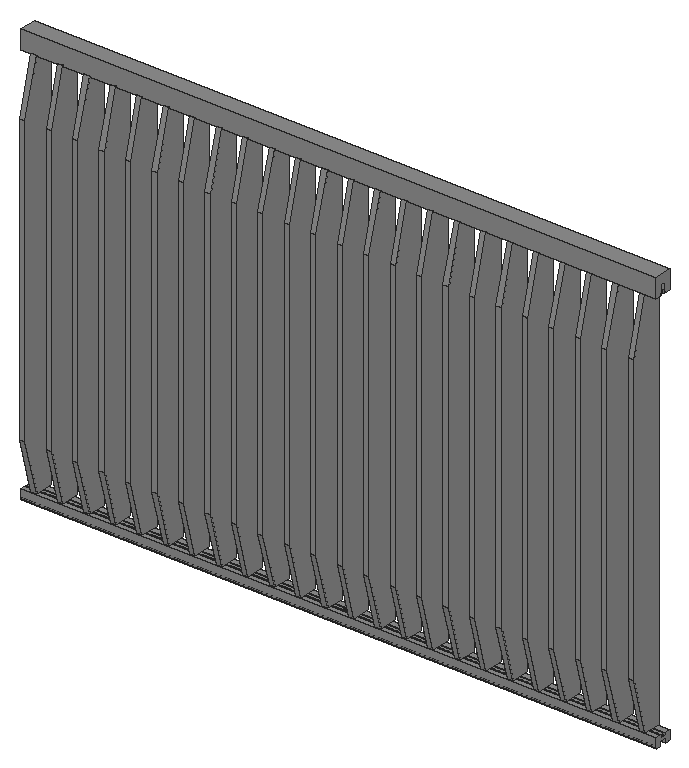
Revit family "Haworth_Pergola_Slat_Laminate_Straight", category Furniture Systems, Revit 2018
Family settings
  Round Connector Dimension = Use Diameter
  Part Type = Normal
  OmniClass Number = 23.40.70.14.64.21
  OmniClass Title = Systems Furniture
  Work Plane-Based = No
  Always vertical = Yes
  Cut with Voids When Loaded = No
  Shared = No
  Room Calculation Point = No
Parameters (values of type "144w")
  Width = 144"
  Warranty = "http://www.haworth.com/resources/product-info/warranties"
  URL - Product = "https://www.haworth.com/na/en/inspiration/pergola.html"
  URL = "http://www.haworth.com"
  Trim Finish = Haworth _ Paint _ Undecided _ Pergola
  Top Rail [instance] = yes
  Standard Width = "48, 72, 96, 120, 144 in."  # constant formula
  Slat Finish = Haworth _ Paint _ Undecided _ Pergola
  Slat Count = ((Actual Width - (End Slat Offset * 2)) / 6") + 1  # 24
  End Slat Offset = 3"  # constant formula
  Custom Size = not(or(Width = 48", Width = 72", Width = 96", Width = 120", Width = 144"))  # no
  Bracket Thickness = 25/128"  # constant formula
  Sustainability Info = "http://www.haworth.com/company-info/sustainablility"
  Model = "Haworth Pergola"  # constant formula
  Description = "Haworth - Pergola Slat - Laminate Straight"  # constant formula
  Bottom Rail [instance] = yes
  Base Height = 2"  # constant formula
  Actual Depth = 4"  # constant formula
  Size = "Verify Final Dim. w/ Haworth"  # constant formula
  Revision Number = "1"  # constant formula
  Min. Width = 48"  # constant formula
  Max. Width = 144"  # constant formula
  Min. Height = 89 1/2"  # constant formula
  Max. Height = 89 1/2"  # constant formula
  Manufacturer = "Haworth"  # constant formula
  Author = "Haworth (Alias)"  # constant formula
  Assembly Code = "E2020200"
  Actual Width = if(Width < Min. Width, Min. Width, if(Width > Max. Width, Max. Width, Width))  # 144"
  Actual Height = 89 1/2"  # constant formula
Types (5): name | Width | Slat Count | Actual Width
  144w | 144" | 24 | 144"
  120w | 120" | 20 | 120"
  72w | 72" | 12 | 72"
  96w | 96" | 16 | 96"
  48w | 48" | 8 | 48"
Reference planes (in)
  plane 1 "Center F/B": y = 0
  plane 2 "Bottom": z = 0.5
  plane 3 "Center L/R": x = 1.5
  plane 4 "Back": y = 2
  plane 5 "Front": y = -2
  plane 6 "Right": x = 73.5
  plane 7 "Top": z = 92
  plane 8 "Left": x = -70.5
  plane 9 "Base Top": z = 2.5
  plane 10 "End Left Slat": x = -67.5
  plane 11 "End Right Slat": x = 70.5
  plane 12: z = 96
Forms (in)
  Extrusion 1, solid, material "Haworth _ Paint _ Undecided _ Pergola" <- "Trim Finish"
    sketch origin (0, 0, 0) x (1, 0, 0) y (0, 1, 0)
      loop
        circle (1.5, 0) r 0.23622
    from 2.5 to 2.19531
  Extrusion 2, solid, material "Haworth _ Paint _ Undecided _ Pergola" <- "Trim Finish"
    sketch origin (0, 0, 0) x (1, 0, 0) y (0, 1, 0)
      loop
        circle (1.5, 0) r 0.23622
    from 91.30469 to 92
  Sweep 3, solid, material "Haworth _ Paint _ Undecided _ Pergola" <- "Trim Finish"
    path origin (0, 0, 0) x (1, 0, 0) y (0, 0, 1)
      loop
        line (-70.5, 92) -> (73.5, 92)
    profile origin (1.5, 0, 92) x (0, 0, 1) y (0, -1, 0)
      loop
        line (0.0689, -0.59941) -> (0.0689, -0.30807) -> (0.52756, -0.30807) -> (0.52756, -0.18996) -> (0.0689, -0.18996) -> (0.0689, 0.46555) -> (0.52166, 0.46555) -> (0.52166, 0.52756) -> (0.0689, 0.52756) -> (0.0689, 0.59941) -> (0, 0.59941) -> (0, -0.59941) -> (0.0689, -0.59941)
  Sweep 4, solid, material "Haworth _ Paint _ Undecided _ Pergola" <- "Trim Finish", visible <- "Bottom Rail"
    path origin (0, 0, -82) x (1, 0, 0) y (0, 0, 1)
      loop
        line (-70.5, 84.5) -> (73.5, 84.5)
    profile origin (1.5, 0, 2.5) x (0, 0, 1) y (0, -1, 0)
      loop
        line (0, 1.9685) -> (-2, 1.9685) -> (-2, 1.6122) -> (-2.07874, 1.53346) -> (-2.07874, 1.13976) -> (-2.19685, 1.13976) -> (-2.19685, 1.53346) -> (-2.27559, 1.53346) -> (-2.27559, 0.93504) -> (-1.26181, 0.93504) -> (-1.26181, -0.93504) -> (-2.27559, -0.93504) -> (-2.27559, -1.53346) -> (-2.19685, -1.53346) -> (-2.19685, -1.13976) -> (-2.07874, -1.13976) -> (-2.07874, -1.53346) -> (-2, -1.6122) -> (-2, -1.9685) -> (0, -1.9685) -> (0, -0.6378) -> (-0.0689, -0.64994) -> (-0.0689, -0.52756) -> (-0.18121, -0.52756) -> (-0.16732, -0.6063) -> (-0.59646, -0.6063) -> (-0.59646, 0.6063) -> (-0.16732, 0.6063) -> (-0.18121, 0.52756) -> (-0.0689, 0.52756) -> (-0.0689, 0.64994) -> (0, 0.6378) -> (0, 1.9685)
  Sweep 5, solid, material "Haworth _ Paint _ Undecided _ Pergola" <- "Trim Finish"
    path origin (0, 0, -82) x (1, 0, 0) y (0, 0, 1)
      loop
        line (-70.5, 84.5) -> (73.5, 84.5)
    profile origin (1.5, 0, 2.5) x (0, 0, 1) y (0, -1, 0)
      loop
        line (-0.52756, 0.30807) -> (-0.52756, 0.18996) -> (-0.0689, 0.18996) -> (-0.0689, -0.46555) -> (-0.52165, -0.46555) -> (-0.52165, -0.52756) -> (-0.0689, -0.52756) -> (-0.0689, -0.59941) -> (0, -0.59941) -> (0, 0.59941) -> (-0.0689, 0.59941) -> (-0.0689, 0.30807) -> (-0.52756, 0.30807)
Lines and regions (in)
  Masking region 1
    outline origin (0, 0, 0) x (1, 0, 0) y (0, 1, 0)
      loop
        line (-70.5, 2) -> (-70.5, -2) -> (73.5, -2) -> (73.5, 2) -> (-70.5, 2)
Dimensions and locks (in)
  equal spacing: plane 4 "Back", plane 1 "Center F/B", plane 5 "Front"
  "Actual Depth": plane 4 "Back" to plane 5 "Front"
  equal spacing: plane 8 "Left", plane 3 "Center L/R", plane 6 "Right"
  "Actual Width": plane 8 "Left" to plane 6 "Right"
  plane 9 "Base Top" to level = 2 1/2"
  "Actual Height": plane 7 "Top" to plane 9 "Base Top"
  "End Slat Offset": plane 8 "Left" to plane 10 "End Left Slat"
  equal spacing: group 1, group 3, group 4, group 5, group 6, group 7, group 8, group 9, group 10, group 11, group 12, group 13, group 14, group 15, group 16, group 17, group 18, group 19, group 20, group 21, group 22, group 23, group 24, group 2  (x2)
  equal spacing: group 2, group 24, group 23, group 22, group 21, group 20, group 19, group 18, group 17, group 16, group 15, group 14, group 13, group 12, group 11, group 10, group 9, group 8, group 7, group 6, group 5, group 4, group 3, group 1
  "End Slat Offset": plane 11 "End Right Slat" to plane 6 "Right"
  plane 4 "Back" to Masking region 1 sketch curve = 0"
  plane 5 "Front" to Masking region 1 sketch curve = 0"
  aligned and locked: plane 1 "Center F/B" to Extrusion 1 sketch curve
  aligned and locked: plane 3 "Center L/R" to Extrusion 1 sketch curve
  aligned and locked: plane 1 "Center F/B" to Extrusion 2 sketch curve
  aligned and locked: plane 3 "Center L/R" to Extrusion 2 sketch curve
  aligned and locked: plane 7 "Top" to Extrusion 2
  aligned and locked: Extrusion 1 to plane 9 "Base Top"
  aligned and locked: nested 1 to plane 10 "End Left Slat"
  aligned and locked: Sweep 3 sketch curve to plane 7 "Top"
  aligned and locked: plane 6 "Right" to Sweep 3 sketch curve
  aligned and locked: plane 8 "Left" to Sweep 3 sketch curve
  aligned and locked: Sweep 4 sketch curve to plane 9 "Base Top"
  aligned and locked: plane 8 "Left" to Sweep 4 sketch curve
  aligned and locked: plane 6 "Right" to Sweep 4 sketch curve
  aligned and locked: Sweep 5 sketch curve to plane 9 "Base Top"
  aligned and locked: plane 6 "Right" to Sweep 5 sketch curve
  aligned and locked: plane 8 "Left" to Sweep 5 sketch curve
  aligned and locked: plane 1 "Center F/B" to nested 1
  aligned and locked: plane 1 "Center F/B" to nested 2
  aligned and locked: nested 2 to plane 11 "End Right Slat"
  aligned and locked: Masking region 1 sketch curve to plane 6 "Right"
  aligned and locked: Masking region 1 sketch curve to plane 8 "Left"
  aligned and locked: plane 1 "Center F/B" to nested 25
  aligned and locked: plane 3 "Center L/R" to nested 25
  aligned and locked: Masking region 1 to plane 5 "Front"
  aligned and locked: plane 4 "Back" to Masking region 1
  aligned and locked: nested 25 to plane 12
  aligned and locked: plane 7 "Top" to nested 2
Automatic sketch dimensions
  profile plane to Sweep 3 sketch curve = 0"
  Sweep 3 sketch curve to profile plane = 0.0689"  (x3)
  Sweep 3 sketch curve to Sweep 3 sketch curve = 0.45276"
  Sweep 3 sketch curve to plane 1 "Center F/B" = 0.18996"
  Sweep 3 sketch curve to Sweep 3 sketch curve = 0.45866"
  Sweep 3 sketch curve to Sweep 3 sketch curve = 0.11811"  (x2)
  Sweep 3 sketch curve to Sweep 3 sketch curve = 0.29134"
  plane 1 "Center F/B" to Sweep 3 sketch curve = 0.46555"
  Sweep 3 sketch curve to Sweep 3 sketch curve = 0"
  Sweep 3 sketch curve to Sweep 3 sketch curve = 0.06201"
  Sweep 3 sketch curve to Sweep 3 sketch curve = 0.07185"
  profile plane to Sweep 4 sketch curve = 0"  (x2)
  profile plane to Sweep 4 sketch curve = 0.0689"  (x2)
  Sweep 4 sketch curve to Sweep 4 sketch curve = 0.09843"  (x2)
  Sweep 4 sketch curve to Sweep 4 sketch curve = 0.01388"  (x2)
  Sweep 4 sketch curve to Sweep 4 sketch curve = 0.41525"
  Sweep 4 sketch curve to Sweep 4 sketch curve = 0.66535"
  Sweep 4 sketch curve to Sweep 4 sketch curve = 0.73819"  (x2)
  Sweep 4 sketch curve to Sweep 4 sketch curve = 0.07874"  (x8)
  Sweep 4 sketch curve to Sweep 4 sketch curve = 0.11811"  (x2)
  Sweep 4 sketch curve to plane 1 "Center F/B" = 1.9685"
  Sweep 4 sketch curve to Sweep 4 sketch curve = 0.3563"
  Sweep 4 sketch curve to Sweep 4 sketch curve = 0.3937"  (x2)
  Sweep 4 sketch curve to Sweep 4 sketch curve = 0.20472"  (x2)
  Sweep 4 sketch curve to plane 1 "Center F/B" = 0.64994"
  Sweep 4 sketch curve to Sweep 4 sketch curve = 0.01215"  (x2)
  Sweep 4 sketch curve to Sweep 4 sketch curve = 0.04364"
  Sweep 4 sketch curve to Sweep 4 sketch curve = 0.12238"
  plane 1 "Center F/B" to Sweep 4 sketch curve = 0.52756"
  Sweep 4 sketch curve to Sweep 4 sketch curve = 0.11024"
  plane 1 "Center F/B" to Sweep 4 sketch curve = 0.93504"
  Sweep 4 sketch curve to Sweep 4 sketch curve = 0"
  Sweep 4 sketch curve to Sweep 4 sketch curve = 1.31856"
  profile plane to Sweep 5 sketch curve = 0.0689"  (x2)
  Sweep 5 sketch curve to Sweep 5 sketch curve = 0.11811"
  Sweep 5 sketch curve to profile plane = 0"
  Sweep 5 sketch curve to Sweep 5 sketch curve = 0.45276"
  Sweep 5 sketch curve to Sweep 5 sketch curve = 0.45866"
  Sweep 5 sketch curve to plane 1 "Center F/B" = 0.52756"
  plane 1 "Center F/B" to Sweep 5 sketch curve = 0.18996"
  Sweep 5 sketch curve to Sweep 5 sketch curve = 0.29134"
  Sweep 5 sketch curve to Sweep 5 sketch curve = 0"
  Sweep 5 sketch curve to Sweep 5 sketch curve = 0.13386"
  Sweep 5 sketch curve to Sweep 5 sketch curve = 0.06201"
  radius of Extrusion 1 sketch curve = 0.23622"
  radius of Extrusion 2 sketch curve = 0.23622"
Nested families (in)
  nested 1: "Haworth_Pergola_LaminateSlat_PART" at (-69, 0, 0.69531), type "Laminate Slat"
  nested 2: "Haworth_Pergola_LaminateSlat_PART" at (69, 0, 0.5), type "Laminate Slat"
  nested 3: "Haworth_Pergola_LaminateSlat_PART" at (-63, 0, 0.68682), type "Laminate Slat"
  nested 4: "Haworth_Pergola_LaminateSlat_PART" at (-57, 0, 0.67833), type "Laminate Slat"
  nested 5: "Haworth_Pergola_LaminateSlat_PART" at (-51, 0, 0.66984), type "Laminate Slat"
  nested 6: "Haworth_Pergola_LaminateSlat_PART" at (-45, 0, 0.66135), type "Laminate Slat"
  nested 7: "Haworth_Pergola_LaminateSlat_PART" at (-39, 0, 0.65285), type "Laminate Slat"
  nested 8: "Haworth_Pergola_LaminateSlat_PART" at (-33, 0, 0.64436), type "Laminate Slat"
  nested 9: "Haworth_Pergola_LaminateSlat_PART" at (-27, 0, 0.63587), type "Laminate Slat"
  nested 10: "Haworth_Pergola_LaminateSlat_PART" at (-21, 0, 0.62738), type "Laminate Slat"
  nested 11: "Haworth_Pergola_LaminateSlat_PART" at (-15, 0, 0.61889), type "Laminate Slat"
  nested 12: "Haworth_Pergola_LaminateSlat_PART" at (-9, 0, 0.61039), type "Laminate Slat"
  nested 13: "Haworth_Pergola_LaminateSlat_PART" at (-3, 0, 0.6019), type "Laminate Slat"
  nested 14: "Haworth_Pergola_LaminateSlat_PART" at (3, 0, 0.59341), type "Laminate Slat"
  nested 15: "Haworth_Pergola_LaminateSlat_PART" at (9, 0, 0.58492), type "Laminate Slat"
  nested 16: "Haworth_Pergola_LaminateSlat_PART" at (15, 0, 0.57643), type "Laminate Slat"
  nested 17: "Haworth_Pergola_LaminateSlat_PART" at (21, 0, 0.56793), type "Laminate Slat"
  nested 18: "Haworth_Pergola_LaminateSlat_PART" at (27, 0, 0.55944), type "Laminate Slat"
  nested 19: "Haworth_Pergola_LaminateSlat_PART" at (33, 0, 0.55095), type "Laminate Slat"
  nested 20: "Haworth_Pergola_LaminateSlat_PART" at (39, 0, 0.54246), type "Laminate Slat"
  nested 21: "Haworth_Pergola_LaminateSlat_PART" at (45, 0, 0.53397), type "Laminate Slat"
  nested 22: "Haworth_Pergola_LaminateSlat_PART" at (51, 0, 0.52548), type "Laminate Slat"
  nested 23: "Haworth_Pergola_LaminateSlat_PART" at (57, 0, 0.51698), type "Laminate Slat"
  nested 24: "Haworth_Pergola_LaminateSlat_PART" at (63, 0, 0.50849), type "Laminate Slat"
  nested 25: "Haworth_Pergola_Panel_TopRail_Straight" at (-58, 0, 0.5), visible <- "Top Rail", type "Top Rail - 48w"
    with Width 144", Actual Width 144"
Definition of nested family "Haworth_Pergola_LaminateSlat_PART"
  Parameters (values of type "Laminate Slat")
    Warranty = "http://www.haworth.com/resources/product-info/warranties"
    URL - Product = ""
    URL = "http://www.haworth.com"
    Trim Finish = none
    Slat Finish = none
    Bracket Thickness = 25/128"  # constant formula
    Sustainability Info = "http://www.haworth.com/company-info/sustainablility"
    Model = "Haworth Pergola"  # constant formula
    Description = "Haworth - Pergola Slat - Laminate"  # constant formula
    Base Height = 2"  # constant formula
    Actual Depth = 8"  # constant formula
    Size = "Verify Final Dim. w/ Haworth"  # constant formula
    Revision Number = "1"  # constant formula
    Min. Width = 48"  # constant formula
    Max. Width = 144"  # constant formula
    Min. Height = 89 1/2"  # constant formula
    Max. Height = 89 1/2"  # constant formula
    Manufacturer = "Haworth"  # constant formula
    Author = "Haworth (Alias)"  # constant formula
    Assembly Code = "E2020200"
    Actual Width = 4"  # constant formula
    Actual Height = 89 1/2"  # constant formula
  Reference planes (in)
    plane 1 "Center F/B": y = 0
    plane 2 "Bottom": z = 0
    plane 3 "Center L/R": x = 1.5
    plane 4 "Back": y = 2
    plane 5 "Right": x = 3.5
    plane 6 "Top": z = 91.5
    plane 7: x = -0.5
    plane 8 "Glide Top": z = 2
    plane 9: z = 2.19531
    plane 10: z = 91.30469
    plane 11: y = -6
  Forms (in)
    Extrusion 1, solid, material <- "Trim Finish"
      sketch origin (0, 0, 0) x (1, 0, 0) y (0, 1, 0)
        loop
          circle (1.5, 0) r 0.23622
      from 2 to 2.19531
    Extrusion 2, solid, material <- "Trim Finish"
      sketch origin (0, 0, 0) x (1, 0, 0) y (0, 1, 0)
        loop
          circle (1.5, 0) r 0.23622
      from 91.30469 to 91.5
    Sweep 3, solid, material <- "Slat Finish"
      path origin (0, 0, 91.5) x (-1, 0, 0) y (0, -1, 0)
        loop
          line (-0.90945, 0) -> (-2.09055, 0)
      profile origin (1.5, 0, 91.5) x (0, 1, 0) y (0, 0, 1)
        loop
          line (-1.99959, -0.19531) -> (-5.20866, -12.12008) -> (-5.20866, -77.37992) -> (-1.99959, -89.30469) -> (2, -89.30469) -> (2, -0.19531) -> (-1.99959, -0.19531)
  Lines and regions (in)
    Masking region 1
      outline origin (0, 0, 0) x (1, 0, 0) y (0, 1, 0)
        loop
          line (2.09055, -5.20866) -> (2.09055, 2) -> (0.90945, 2) -> (0.90945, -5.20866) -> (2.09055, -5.20866)
  Dimensions and locks (in)
    locked: plane 4 "Back" to plane 1 "Center F/B" at 2
    equal spacing: plane 7, plane 3 "Center L/R", plane 5 "Right"
    "Actual Width": plane 7 to plane 5 "Right"
    "Base Height": plane 8 "Glide Top" to level
    "Bracket Thickness": plane 6 "Top" to plane 10
    "Bracket Thickness": plane 9 to plane 8 "Glide Top"
    "Actual Height": plane 6 "Top" to plane 8 "Glide Top"
    "Actual Depth": plane 11 to plane 4 "Back"
    aligned and locked: level to plane 2 "Bottom"
    aligned and locked: plane 1 "Center F/B" to Extrusion 1 sketch curve
    aligned and locked: plane 3 "Center L/R" to Extrusion 1 sketch curve
    aligned and locked: plane 1 "Center F/B" to Extrusion 2 sketch curve
    aligned and locked: plane 3 "Center L/R" to Extrusion 2 sketch curve
    aligned and locked: plane 10 to Extrusion 2
    aligned and locked: plane 6 "Top" to Extrusion 2
    aligned and locked: plane 9 to Extrusion 1
    aligned and locked: Extrusion 1 to plane 8 "Glide Top"
    aligned and locked: plane 1 "Center F/B" to Sweep 3 sketch curve
  Automatic sketch dimensions
    plane 3 "Center L/R" to Sweep 3 sketch curve = 0.59055"
    Sweep 3 sketch curve to plane 3 "Center L/R" = 0.59055"
    profile plane to Sweep 3 sketch curve = 5.20866"
    Sweep 3 sketch curve to plane 6 "Top" = 25/128"
    profile plane to Sweep 3 sketch curve = 1.99959"  (x2)
    Sweep 3 sketch curve to plane 6 "Top" = 12.12008"
    Sweep 3 sketch curve to profile plane = 2"
    Sweep 3 sketch curve to Sweep 3 sketch curve = 65.25984"
    Sweep 3 sketch curve to Sweep 3 sketch curve = 11.92477"
    plane 4 "Back" to Masking region 1 sketch curve = 0"
    Masking region 1 sketch curve to plane 3 "Center L/R" = 0.59055"
    plane 3 "Center L/R" to Masking region 1 sketch curve = 0.59055"
    Masking region 1 sketch curve to plane 11 = 0.79134"
    radius of Extrusion 1 sketch curve = 0.23622"
    radius of Extrusion 2 sketch curve = 0.23622"
Definition of nested family "Haworth_Pergola_Panel_TopRail_Straight"
  Parameters (values of type "Top Rail - 120w")
    Width = 120"
    Warranty = "http://www.haworth.com/resources/product-info/warranties"
    URL - Product = ""
    URL = "http://www.haworth.com"
    Trim Finish = none
    Sustainability Info = "http://www.haworth.com/company-info/sustainablility"
    Standard Width = "48,  72, 96, 120, and 144 in."  # constant formula
    Model = "Haworth Pergola"  # constant formula
    Description = "Haworth - Pergola Panel - Top Rail"  # constant formula
    Actual Depth = 4"  # constant formula
    Size = "Verify Final Dim. w/ Haworth"  # constant formula
    Revision Number = "1"  # constant formula
    Min. Width = 48"  # constant formula
    Max. Width = 144"  # constant formula
    Min. Height = 4"  # constant formula
    Max. Height = 4"  # constant formula
    Manufacturer = "Haworth"  # constant formula
    Author = "Haworth (Bentzen)"  # constant formula
    Assembly Code = "E2020200"
    Actual Width = if(Width < Min. Width, Min. Width, if(Width > Max. Width, Max. Width, Width))  # 120"
    Actual Height = 4 25/128"  # constant formula
  Types (5): name | Width | Actual Width
    Top Rail - 48w | 48" | 48"
    Top Rail - 72w | 72" | 72"
    Top Rail - 96w | 96" | 96"
    Top Rail - 120w | 120" | 120"
    Top Rail - 144w | 144" | 144"
  Reference planes (in)
    plane 1 "Center F/B": y = 0
    plane 2 "Bottom": z = 0
    plane 3 "Center L/R": x = 59.5
    plane 4 "Back": y = 2
    plane 5 "Front": y = -2
    plane 6 "Right": x = 119.5
    plane 7 "Top": z = 95.5
    plane 8 "Left": x = -0.5
    plane 9 "Underbeam Height": z = 91.30469
    plane 10: y = 0.59915
    plane 11: y = -0.59915
    plane 12: z = 93.54331
  Forms (in)
    Extrusion 1, solid, material <- "Trim Finish"
      sketch origin (59.5, 0, 0) x (0, 1, 0) y (0, 0, 1)
        loop
          line (2, 95.5) -> (-2, 95.5) -> (-2, 91.30469) -> (-0.59915, 91.30469) -> (-0.59915, 93.54331) -> (0.59915, 93.54331) -> (0.59915, 91.30469) -> (2, 91.30469) -> (2, 95.5)
      from -60 to 60
  Lines and regions (in)
    Masking region 1
      outline origin (0, 0, 0) x (1, 0, 0) y (0, 1, 0)
        loop
          line (-0.5, 2) -> (-0.5, -2) -> (119.5, -2) -> (119.5, 2) -> (-0.5, 2)
  Dimensions and locks (in)
    plane 9 "Underbeam Height" to plane 2 "Bottom" = 91 39/128"
    equal spacing: plane 8 "Left", plane 3 "Center L/R", plane 6 "Right"
    "Actual Width": plane 8 "Left" to plane 6 "Right"
    equal spacing: plane 4 "Back", plane 1 "Center F/B", plane 5 "Front"
    "Actual Depth": plane 4 "Back" to plane 5 "Front"
    "Actual Height": plane 7 "Top" to plane 9 "Underbeam Height"
    aligned and locked: level to plane 2 "Bottom"
    aligned and locked: plane 8 "Left" to Extrusion 1
    aligned and locked: plane 6 "Right" to Extrusion 1
    aligned and locked: Extrusion 1 to plane 12
    aligned and locked: Extrusion 1 to plane 11
    aligned and locked: plane 10 to Extrusion 1
    aligned and locked: Extrusion 1 to plane 9 "Underbeam Height"  (x2)
    aligned and locked: plane 4 "Back" to Extrusion 1
    aligned and locked: Extrusion 1 to plane 5 "Front"
    aligned and locked: plane 8 "Left" to Masking region 1
    aligned and locked: Masking region 1 to plane 4 "Back"
    aligned and locked: Masking region 1 to plane 5 "Front"
    aligned and locked: plane 6 "Right" to Masking region 1
    aligned and locked: plane 7 "Top" to Extrusion 1
  Automatic sketch dimensions
    Extrusion 1 sketch curve to plane 5 "Front" = 0"
    Extrusion 1 sketch curve to plane 9 "Underbeam Height" = 0"  (x2)
    plane 4 "Back" to Extrusion 1 sketch curve = 0"
    plane 7 "Top" to Extrusion 1 sketch curve = 0"
    plane 9 "Underbeam Height" to Extrusion 1 sketch curve = 2.23863"
    Extrusion 1 sketch curve to plane 1 "Center F/B" = 0.59915"
    plane 1 "Center F/B" to Extrusion 1 sketch curve = 0.59915"
    Masking region 1 sketch curve to plane 8 "Left" = 0"
    plane 6 "Right" to Masking region 1 sketch curve = 0"
    Masking region 1 sketch curve to plane 5 "Front" = 0"
    plane 4 "Back" to Masking region 1 sketch curve = 0"
